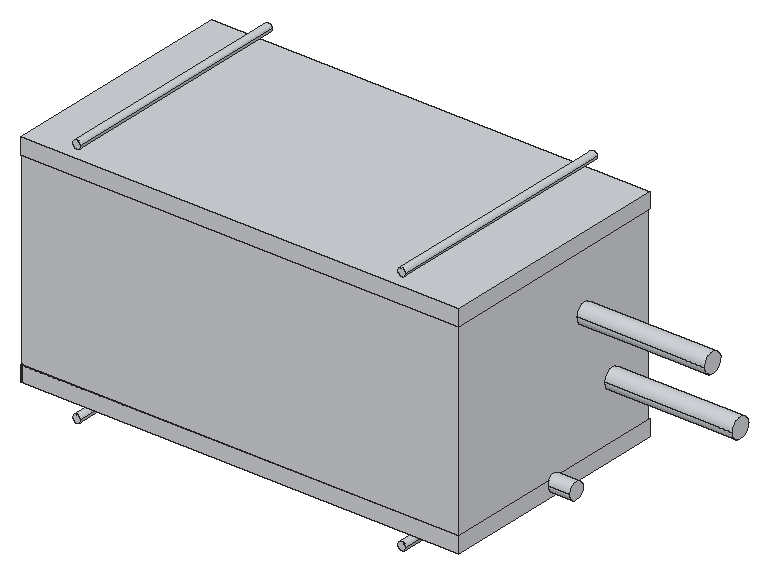
Revit family "7.Фреоновый охладитель для прямоугольных каналов FLO", category Оборудование, Revit 2016
Family settings
  Тип детали = Нормальный
  Размер круглого соединителя = Использовать диаметр
  На основе рабочей плоскости = Нет
  Всегда вертикально = Да
  При загрузке вырезать с полостями = Нет
  Общий = Нет
  Точка расчета площади = Нет
Parameters (values of type "40-20")
  ножки(да/нет) [instance] = no
  Ширина = 400 mm
  Частотный преобразователь [instance] = no
  Частота вращения n, об/мин = ""
  Холодопроизводительность, кВт = "5.6"
  Тип, марка, обозначение = "FLO 40-20"
  Сила тока J, А = ""
  Регулятор расхода [instance] = no
  Размер В = 317.454 mm
  Раздел = "ОВ"
  Примечание = ""
  Позиция = ""
  Напряжение U,В = ""
  Наименование и тех.хар-ка = "Фреоновый охладитель для прямоугольных каналов"  # constant formula
  Мощность двигателя N,Вт = ""
  Материал = Сталь серая
  Масса единицы = "16 кг"
  И = 730 mm
  Заправочный объем, л = 1.00 m³
  З = 16 mm
  Ж = 12 mm
  Код, оборудования = ""
  Ключевая пометка = "Вентиляция"
  Е = 45 mm
  Д = 95 mm
  Задание электрикам [instance] = no
  Задание автоматчикам [instance] = no
  Завод изготовитель = "KORF"  # constant formula
  Единица измерения = "шт."  # constant formula
  К = 306 mm
  Г = 420 mm
  Высота = 200 mm
  Б = 283 mm
  А = 564 mm
  d1 = 11 mm  # constant formula
  d = 25.4 mm
  DRAWING NAME = ""
Types (9, lengths in mm): name | Ширина | Холодопроизводительность, кВт | Тип, марка, обозначение | Размер В | Масса единицы | И | Заправочный объем, л | З | Ж | Е | Д | Г | Высота | Б | А | d
  40-20 | 400 | "5.6" | "FLO 40-20" | 317.454 | "16 кг" | 730 | 1.00 m³ | 16 | 12 | 45 | 95 | 420 | 200 | 283 | 564 | 25.4
  50-25 | 500 | "9" | "FLO 50-25" | 270 | "18 кг" | 830 | 1.40 m³ | 16 | 12 | 50 | 125 | 520 | 250 | 333 | 664 | 25.4
  50-30 | 500 | "10.6" | "FLO 50-30" | 320 | "19 кг" | 830 | 1.80 m³ | 22 | 16 | 50 | 155 | 520 | 300 | 383 | 664 | 25.4
  60-30 | 600 | "12.9" | "FLO 60-30" | 320 | "21 кг" | 930 | 2.00 m³ | 22 | 16 | 60 | 155 | 620 | 300 | 383 | 764 | 25.4
  60-35 | 600 | "15.1" | "FLO 60-35" | 370 | "23 кг" | 930 | 2.30 m³ | 22 | 16 | 45 | 195 | 620 | 350 | 433 | 764 | 25.4
  70-40 | 700 | "20.2" | "FLO 70-40" | 420 | "26 кг" | 1030 | 3.00 m³ | 28 | 22 | 40 | 220 | 720 | 400 | 483 | 864 | 25.4
  80-50 | 800 | "28.5" | "FLO 80-50" | 520 | "32 кг" | 1130 | 4.40 m³ | 28 | 22 | 53 | 290 | 820 | 500 | 583 | 964 | 25.4
  90-50 | 900 | "32" | "FLO 90-50" | 530 | "36 кг" | 1240 | 4.80 m³ | 35 | 28 | 55 | 330 | 930 | 500 | 598 | 1074 | 25.4
  100-50 | 1000 | "35.5" | "FLO 100-50" | 530 | "42 кг" | 1340 | 5.30 m³ | 35 | 28 | 55 | 330 | 1030 | 500 | 598 | 1174 | 38
Reference planes
  plane 1 "По центру (Вперед/Назад)": y = 0
  plane 2: z = 0
  plane 3 "По центру (Влево/Вправо)": x = 0
  plane 4: y = -153
  plane 5: y = 153
  plane 6: x = -282
  plane 7: x = 282
  plane 8: z = -141.5
  plane 9: z = 141.5
  plane 10: z = 158.727
  plane 11: z = -158.727
  plane 12: x = -210
  plane 13: x = -260
  plane 14: x = 210
  plane 15: x = 211.538
  plane 16: y = -22.038
  plane 17: y = 138
  plane 18: z = 47.5
  plane 19: z = -47.5
  plane 20: y = 50
  plane 21: y = 95
  plane 22: z = -126.5
  plane 23: x = 448
  plane 24: x = 312
Forms (mm)
  Extrusion 1, void, not visible
    sketch origin (-345, -245, 50) x (0, -1, 0) y (0, 0, -1)
      loop
        line (-477.965, -475) -> (-477.965, -450) -> (-528.913, -450) -> (-528.913, -475) -> (-477.965, -475)
    from -47.452 to 12
  Extrusion 2, solid, detail levels fine
    sketch origin (0, 0, 0) x (1, 0, 0) y (0, 0, 1)
      loop
        line (-282, 141.5) -> (-282, -141.5) -> (282, -141.5) -> (282, 141.5) -> (-282, 141.5)
    from -153 to 153
  Extrusion 3, solid, detail levels fine
    sketch origin (0, 0, 0) x (0, 1, 0) y (0, 0, 1)
      loop
        circle (50, 47.5) r 12.7
      loop
        circle (95, -47.5) r 12.7
    from 211.538 to 448
  Extrusion 4, solid, detail levels fine
    sketch origin (0, 0, 0) x (0, 1, 0) y (0, 0, 1)
      loop
        circle (0, -126.5) r 10.5
    from 282 to 312
  Extrusion 5, solid, detail levels fine
    sketch origin (0, 0, 0) x (1, 0, 0) y (0, 0, 1)
      loop
        circle (-210, 158.727) r 5
      loop
        circle (210, 158.727) r 5
      loop
        circle (210, -158.727) r 5
      loop
        circle (-210, -158.727) r 5
    from -154.4 to 154.4
  Sweep 6, solid, detail levels fine
    path in 3D
      loop
        line (-282, -153, 141.5) -> (-282, 153, 141.5) -> (282, 153, 141.5) -> (282, -153, 141.5) -> (-282, -153, 141.5)
    profile origin (0, -153, 141.5) x (0, -1, 0) y (0, 0, 1)
      loop
        line (0, 0) -> (0, -20) -> (1.4, -20) -> (1.4, 0) -> (0, 0)
  Sweep 7, solid, detail levels fine
    path in 3D
      loop
        line (282, -153, -141.5) -> (282, 153, -141.5) -> (-282, 153, -141.5) -> (-282, -153, -141.5) -> (282, -153, -141.5)
    profile origin (0, -153, -141.5) x (0, -1, 0) y (0, 0, -1)
      loop
        line (0, 0) -> (0, -20) -> (1.4, -20) -> (1.4, 0) -> (0, 0)
Cuts and joins
  joined: Extrusion 2, Extrusion 3, Sweep 6
  joined: Extrusion 4, Extrusion 5, Sweep 7
Lines and regions (mm)
  sketch lines
    curve 1: line (282, -153, 141.5) -> (-282, -153, 141.5)
    curve 2: line (282, -153, 141.5) -> (282, 153, 141.5)
    curve 3: line (-282, 153, 141.5) -> (282, 153, 141.5)
    curve 4: line (-282, -153, 141.5) -> (-282, 153, 141.5)
    curve 5: line (-282, -153, -141.5) -> (282, -153, -141.5)
    curve 6: line (282, -153, -141.5) -> (282, 153, -141.5)
    curve 7: line (-282, -153, -141.5) -> (-282, 153, -141.5)
    curve 8: line (282, 153, -141.5) -> (-282, 153, -141.5)
  model lines, detail levels coarse
    curve 9: line (-282, 153, 0) -> (282, 153, 0)
    curve 10: line (-282, -153, 0) -> (-282, 153, 0)
    curve 11: line (282, -153, 0) -> (-282, -153, 0)
    curve 12: line (282, 153, 0) -> (282, -153, 0)
    curve 13: circle (0, 0, 0) r 105 normal (0, 0, 1)
    curve 14: line (-105, 0, 0) -> (105, 0, 0)
  model lines, not visible, detail levels coarse
    curve 15: circle (0, 0, 0) r 105 normal (0, 0, 1)
    curve 16: line (-105, 0, 0) -> (105, 0, 0)
  model lines, detail levels medium
    curve 17: line (0, 154.4, 141.5) -> (0, -154.4, 141.5)
    curve 18: line (0, 154.4, -141.5) -> (0, 154.4, 141.5)
    curve 19: line (0, -154.4, -141.5) -> (0, 154.4, -141.5)
    curve 20: line (0, -154.4, 141.5) -> (0, -154.4, -141.5)
    curve 21: circle (0, 0, 0) r 65 normal (1, 0, 0)
    curve 22: line (0, 65, 0) -> (0, -65, 0)
  model lines, not visible, detail levels medium
    curve 23: circle (0, 0, 0) r 65 normal (1, 0, 0)
    curve 24: line (0, 65, 0) -> (0, -65, 0)
Dimensions and locks
  equal spacing: plane 4, plane 1 "По центру (Вперед/Назад)", plane 5
  equal spacing: plane 9, level, plane 8
  "Б": plane 9 to plane 8
  equal spacing: plane 7, plane 3 "По центру (Влево/Вправо)", plane 6
  "А": plane 7 to plane 6
  equal spacing: plane 14, plane 3 "По центру (Влево/Вправо)", plane 12
  "Г": plane 14 to plane 12
  equal spacing: plane 10, level, plane 11
  "Размер В": plane 10 to plane 11
  equal spacing: plane 5, plane 1 "По центру (Вперед/Назад)", plane 4
  "К": plane 5 to plane 4
  locked: plane 5 to plane 17 at 15
  plane 16 to plane 4 = 130.962 mm
  "Е": plane 20 to plane 21
  locked: plane 1 "По центру (Вперед/Назад)" to plane 20 at 50
  equal spacing: plane 18, level, plane 19
  "Д": plane 18 to plane 19
  locked: plane 8 to plane 22 at 15
  "И": plane 23 to plane 6
  locked: plane 7 to plane 24 at 30
  locked: text3d elem to plane 10 at 84.958
  locked: text3d elem to plane 4 at 100.306
  "d": diameter of Extrusion 3 sketch curve  (x2)
  aligned and locked: level to plane 2
  aligned and locked: Extrusion 2 to plane 9
  aligned and locked: plane 7 to Extrusion 2
  aligned and locked: Extrusion 2 to plane 8
  aligned and locked: Extrusion 2 to plane 6
  aligned and locked: plane 5 to Extrusion 2
  aligned and locked: Extrusion 2 to plane 4
  aligned and locked: Extrusion 3 to plane 15
  aligned and locked: Extrusion 4 to plane 7
  aligned and locked: plane 23 to cut or joined group of Extrusion 2, Extrusion 3, Sweep 6
  aligned and locked: Extrusion 4 to plane 24
  aligned and locked: cut or joined group of Extrusion 2, Extrusion 3, Sweep 6 to cut or joined group of Extrusion 4, Extrusion 5, Sweep 7  (x2)
  aligned and locked: curve 9 to cut or joined group of Extrusion 2, Extrusion 3, Sweep 6
  aligned and locked: curve 10 to cut or joined group of Extrusion 2, Extrusion 3, Sweep 6
  aligned and locked: curve 11 to cut or joined group of Extrusion 2, Extrusion 3, Sweep 6
  aligned and locked: curve 12 to cut or joined group of Extrusion 2, Extrusion 3, Sweep 6
  aligned and locked: cut or joined group of Extrusion 2, Extrusion 3, Sweep 6 to curve 17
  aligned and locked: curve 18 to cut or joined group of Extrusion 2, Extrusion 3, Sweep 6
  aligned and locked: curve 19 to cut or joined group of Extrusion 4, Extrusion 5, Sweep 7
  aligned and locked: curve 20 to cut or joined group of Extrusion 4, Extrusion 5, Sweep 7
  aligned and locked: text3d elem to plane 15
Automatic sketch dimensions
  Extrusion 2 sketch curve to plane 3 "По центру (Влево/Вправо)" = 282 mm
  plane 3 "По центру (Влево/Вправо)" to Extrusion 2 sketch curve = 282 mm
  Extrusion 2 sketch curve to level = 141.5 mm
  level to Extrusion 2 sketch curve = 141.5 mm
  Extrusion 4 sketch curve to plane 1 "По центру (Вперед/Назад)" = 0 mm
  Extrusion 4 sketch curve to plane 22 = 0 mm
  Extrusion 5 sketch curve to plane 11 = 0 mm  (x2)
  Extrusion 5 sketch curve to plane 12 = 0 mm  (x2)
  Extrusion 5 sketch curve to plane 10 = 0 mm  (x2)
  Extrusion 5 sketch curve to plane 14 = 0 mm  (x2)
  Sweep 6 sketch curve to profile plane = 0 mm  (x2)
  Sweep 6 sketch curve to profile plane = 1.4 mm
  Sweep 6 sketch curve to profile plane = 20 mm
  Sweep 7 sketch curve to profile plane = 0 mm
  profile plane to Sweep 7 sketch curve = 0 mm
  Sweep 7 sketch curve to profile plane = 1.4 mm
  Sweep 7 sketch curve to profile plane = 20 mm
  curve 22 to curve 21 = 65 mm
  curve 22 to curve 21 = 0 mm
  curve 24 to curve 23 = 65 mm
  curve 24 to curve 23 = 0 mm
  Extrusion 3 sketch curve to plane 18 = 0 mm
  Extrusion 3 sketch curve to plane 20 = 0 mm
  Extrusion 3 sketch curve to plane 19 = 0 mm
  Extrusion 3 sketch curve to plane 21 = 0 mm
  radius of Extrusion 4 sketch curve = 10.5 mm
  radius of Extrusion 5 sketch curve = 5 mm  (x4)
Nested families
  nested 1: "крепление 15мм" at (-330, 229.965, 495), type "крепление 15мм", not visible
Connectors
  hvac at (0, -153, -10), driven by "Высота", driven by "Ширина"
    settings: on cut or joined group of Extrusion 2, Extrusion 3, Sweep 6, index 1, duct flow 0.0 L/s, flow factor 0, pres drop 0.0 Pa, loss coef 0, conn angle 0.00°, conn width 400 mm, conn height 200 mm, conn diameter 609.6 mm, duct sys type 28, conn prof type 1, flow config 0, flow direction 0, loss method 0, conn ref index 2, conn util no, is conn primary yes, conn desc ""
  hvac at (0, 153, -10), driven by "Высота", driven by "Ширина"
    settings: on cut or joined group of Extrusion 2, Extrusion 3, Sweep 6, index 2, duct flow 0.0 L/s, flow factor 0, pres drop 0.0 Pa, loss coef 0, conn angle 0.00°, conn width 400 mm, conn height 200 mm, conn diameter 609.6 mm, duct sys type 28, conn prof type 1, flow config 0, flow direction 0, loss method 0, conn ref index 1, conn util no, is conn primary no, conn desc ""
  piping at (448, 50, 47.5), diameter 25
    settings: on cut or joined group of Extrusion 2, Extrusion 3, Sweep 6, index 3, connector inside diameter 609.6 mm, connector length 0 mm, flow factor 0, pipe flow 0.0 L/s, pressure drop 0.0 Pa, fitting loss kfactor 0, connector angle 0.00°, fixture units 0, engagement length 0 mm, angle of deflection 0.00°, flow configuration 0, flow direction 0, fitting loss method 0, system type 28, joint type 0, gender type 0, connector reference index -1, connector utility 0, adjustable connector no, is connector primary yes, connector description ""
  piping at (448, 50, 47.5), diameter 12, driven by "Ж"
    settings: on cut or joined group of Extrusion 2, Extrusion 3, Sweep 6, index 4, connector inside diameter 609.6 mm, connector length 0 mm, flow factor 0, pipe flow 0.0 L/s, pressure drop 0.0 Pa, fitting loss kfactor 0, connector angle 0.00°, fixture units 0, engagement length 0 mm, angle of deflection 0.00°, flow configuration 0, flow direction 0, fitting loss method 0, system type 28, joint type 0, gender type 0, connector reference index -1, connector utility 0, adjustable connector no, is connector primary no, connector description ""
  piping at (312, 0, -126.5), diameter 21
    settings: on Extrusion 4, index 5, connector inside diameter 609.6 mm, connector length 0 mm, flow factor 0, pipe flow 0.0 L/s, pressure drop 0.0 Pa, fitting loss kfactor 0, connector angle 0.00°, fixture units 0, engagement length 0 mm, angle of deflection 0.00°, flow configuration 0, flow direction 0, fitting loss method 0, system type 28, joint type 0, gender type 0, connector reference index -1, connector utility 0, adjustable connector no, is connector primary no, connector description ""
  piping at (448, 95, -47.5), diameter 16, driven by "З"
    settings: on cut or joined group of Extrusion 2, Extrusion 3, Sweep 6, index 6, connector inside diameter 609.6 mm, connector length 0 mm, flow factor 0, pipe flow 0.0 L/s, pressure drop 0.0 Pa, fitting loss kfactor 0, connector angle 0.00°, fixture units 0, engagement length 0 mm, angle of deflection 0.00°, flow configuration 0, flow direction 0, fitting loss method 0, system type 28, joint type 0, gender type 0, connector reference index -1, connector utility 0, adjustable connector no, is connector primary no, connector description ""
Definition of nested family "крепление 15мм"
  Parameters (values of type "крепление 15мм")
    Материал крепления = none
  Reference planes
    plane 1 "По центру (Вперед/Назад)": y = 0
    plane 2: z = 0
    plane 3 "По центру (Влево/Вправо)": x = 0
  Forms (mm)
    Extrusion 1, solid, material <- "Материал крепления"
      sketch origin (0, 0, 0) x (1, 0, 0) y (0, 1, 0)
        loop
          line (-25, 0) -> (0, 0) -> (0, 18.31) -> (0, 25) -> (-3, 25) -> (-3, 3) -> (-25, 3) -> (-25, 0)
      from 0 to 30
    Extrusion 2, void
      sketch origin (0, 0, 0) x (1, 0, 0) y (0, 1, 0)
        loop
          line (-3, 3) -> (-3, 54.96) -> (-58, 54.96) -> (-58, 3) -> (-3, 3)
      from 0 to 15
  Cuts and joins
    Extrusion 2 cuts Extrusion 1
  Dimensions and locks
    Extrusion 1 sketch curve to Extrusion 1 sketch curve = 3 mm  (x2)
    Extrusion 1 sketch curve to Extrusion 1 sketch curve to plane 3 "По центру (Влево/Вправо)" = 25 mm, 0 mm
    Extrusion 1 sketch curve to Extrusion 1 sketch curve = 25 mm
    aligned and locked: level to plane 2
